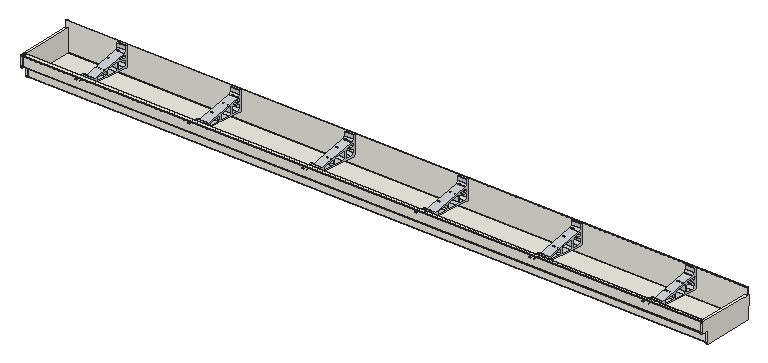
Revit family "NLRS_27_GM_LIB_GBB_MR", category Generic Models, Revit 2021
Family settings
  Can host rebar = No
  Round Connector Dimension = Use Diameter
  Part Type = Normal
  Cut with Voids When Loaded = Yes
  Shared = No
  Room Calculation Point = No
Parameters (values of type "1-GBB 95")
  set_lengte_hoek_L [instance] = if(Lengte_Hoek_L > 1100 mm, 1100 mm, Lengte_Hoek_L)  # 300 mm
  Vorm_Goot_R = 01 : 3_→_Hoek_R
  Vorm_Goot_L-R = 01 : 4_↔_Hoek_L-R
  Vorm_Goot_L = 01 : 2_←_Hoek_L
  Vorm_Goot [instance] = 01 : 1_ Recht
  Omschrijving_hoek [instance] = if(or(Lengte_hoek_R > 1100 mm, Lengte_Hoek_L > 1100 mm), "Hoek is te lang, Kleiner dan 1100 mm", " ")  # " "
  URL = "https://www.meilofriks.nl/beugelgoten/type-gbb-laag/"
  Type Image = <None>
  Lengte_hoek_R [instance] = 300 mm
  Lengte_Hoek_L [instance] = 300 mm
  IfcExportType = ""
  IfcExportAs = "IfcFlowsegment"
  Hoek_R [instance] = or(Vorm_Goot = Vorm_Goot_R, Vorm_Goot = [Vorm_Goot_L-R])  # no
  GBB_hoogte = 95 mm
  Default Elevation = 0 mm
  Buitenhoek_R [instance] = no
  Buitenhoek_L [instance] = no
  Binnenhoek_R [instance] = no
  Binnenhoek_L [instance] = no
  NLRS_C_Materiaal = RAL 9010 MR
  Model = "GBB 95"
  Manufacturer = "Meilof Riks bv"  # constant formula
  Hoek_L [instance] = or(Vorm_Goot = Vorm_Goot_L, Vorm_Goot = [Vorm_Goot_L-R])  # no
  Description = "GBB Goot"  # constant formula
  Assembly Code = "27.16"
  Eindafwerking_R1 [instance] = yes
  Eindafwerking_L1 [instance] = yes
  built-in parameter 1001306 [instance] = 3000 mm
  set_Lengte_hoek [instance] = if(Lengte_hoek_R > 1100 mm, 1100 mm, Lengte_hoek_R)  # 300 mm
Types (4, lengths in mm): name | set_lengte_hoek_L | URL | Lengte_hoek_R | Lengte_Hoek_L | GBB_hoogte | Model | built-in parameter 1001306 | set_Lengte_hoek
  2-GBB 145 | 500 | "https://www.meilofriks.nl/beugelgoten/type-gbb-hoog/" | 500 | 500 | 245 | "GBB 145" | 6000 | 500
  1-GBB 95 | 300 | "https://www.meilofriks.nl/beugelgoten/type-gbb-laag/" | 300 | 300 | 95 | "GBB 95" | 3000 | 300
  3-GBB 195 | 500 | "https://www.meilofriks.nl/beugelgotentype-gbb/type-gbb-195/" | 500 | 500 | 195 | "GBB 195" | 6000 | 500
  4-GBB 245 | 500 | "https://www.meilofriks.nl/beugelgotentype-gbb/type-gbb-245/" | 500 | 500 | 245 | "GBB 245" | 6000 | 500
Reference planes
  plane 1 "Center (Front/Back)": y = 0
  plane 2: z = 0
  plane 3 "Left": x = 0
  plane 4 "Right": x = 3000
  plane 5: x = 1500
Lines and regions (mm)
  reference lines
    curve 1: line (0, 0, 0) -> (3000, 0, 0)
Dimensions and locks
  "built-in parameter 1001306": plane 3 "Left" to plane 4 "Right"
  equal spacing: plane 3 "Left", plane 5, plane 4 "Right"
  nested 2 to nested 2 = 100 mm
  aligned and locked: plane 4 "Right" to curve 1
  aligned and locked: plane 1 "Center (Front/Back)" to curve 1
  aligned and locked: plane 3 "Left" to curve 1
  aligned and locked: level to plane 2
  aligned and locked: plane 3 "Left" to nested 1
  aligned and locked: plane 1 "Center (Front/Back)" to nested 1
  aligned and locked: nested 3 to plane 1 "Center (Front/Back)"
  aligned and locked: plane 4 "Right" to nested 3
  aligned and locked: plane 1 "Center (Front/Back)" to nested 2
Nested families
  nested 1: "01" at (0, 0, 0), Lengte <- "built-in parameter 1001306", type <- "Vorm_Goot", type "1_ Recht"
    with beugels1 500 mm, Lengte 3000 mm, Beugelfstand 1 750 mm, Afstand_2 250 mm, Aantalbeugels 6, Hoogte_VK 130 mm, Hoogte_AK 145 mm, GBB_hoogte 95 mm, Beugelafstand_3 500 mm
  nested 2: "02" at (0, 300, 0) x (0, -1, 0) z (0, 0, 1), Lengte <- "set_lengte_hoek_L", visible <- "Hoek_L", type "Links"
    with beugels1 100 mm, Lengte 300 mm, Beugelmid no, Beugel_R no, Beugel_L yes, Aantalbeugels 8, A2 550 mm, A1 650 mm
  nested 3: "02" at (3000, 0, 0) x (0, 1, 0) z (0, 0, 1), visible <- "Hoek_R", Lengte <- "set_Lengte_hoek", type "Rechts"
    with beugels1 100 mm, Lengte 300 mm, Beugelmid no, Beugel_R yes, Beugel_L no, Aantalbeugels 7, A2 650 mm, A1 550 mm
Definition of nested family "01"
  Parameters (values of type "1_ Recht")
    set_hoek_R = 0 mm  # constant formula
    set_hoek_L = 0 mm  # constant formula
    set_eindafwerking_L = if(Buitenhoek_L, 700 mm, if(Binnenhoek_L, 450 mm, 500 mm))  # 500 mm
    set_eindafwerking_R = if(Buitenhoek_R, 700 mm, if(Binnenhoek_R, 450 mm, 500 mm))  # 500 mm
    beugels1 [instance] = (Lengte - (-set_eindafwerking_L + Beugelfstand 1) - (-set_eindafwerking_R + Beugelfstand 1)) / roundup((Lengte - (2 * Afstand_2)) / Beugelafstand2)  # 600 mm
    Manufacturer = ""
    NLRS_C_Materiaal = none
    Lengte [instance] = 4100 mm
    Hoogte_VK = GBB_hoogte + 35 mm  # 180 mm
    Hoogte_AK = GBB_hoogte + 50 mm  # 195 mm
    GBB_hoogte = 145 mm
    Default Elevation = 0 mm
    Buitenhoek_R = no
    Buitenhoek_L = no
    Binnenhoek_R = no
    Binnenhoek_L = no
    Eindafwerking_R1 = yes
    Eindafwerking_L1 = yes
    Beugelfstand 1 [instance] = 750 mm  # constant formula
    Beugelafstand_3 [instance] = 600 mm
    Beugelafstand2 = 600 mm
    Afstand_2 [instance] = 250 mm
    Aantalbeugels [instance] = roundup(((Lengte - (2 * Afstand_2)) / Beugelafstand2) + if(beugels1 > Beugelafstand2, 2, 1))  # 7
  Types (4, lengths in mm): name | set_eindafwerking_L | set_eindafwerking_R | beugels1 | Manufacturer | Lengte | Hoogte_VK | Hoogte_AK | GBB_hoogte | Buitenhoek_R | Buitenhoek_L | Eindafwerking_R1 | Eindafwerking_L1 | Beugelafstand_3 | Aantalbeugels
    3_→_Hoek_R | 500 | 700 | 633.333 | "" | 4100 | 180 | 195 | 145 | yes | no | no | yes | 542.857 | 8
    1_ Recht | 500 | 500 | 600 | "" | 4100 | 180 | 195 | 145 | no | no | yes | yes | 600 | 7
    2_←_Hoek_L | 700 | 500 | 633.333 | "Meilof Riks bv" | 4100 | 180 | 195 | 145 | no | yes | yes | no | 542.857 | 8
    4_↔_Hoek_L-R | 700 | 700 | 633.333 | "" | 2000 | 130 | 145 | 95 | yes | yes | no | no | 475 | 5
  Reference planes
    plane 1 "Center (Front/Back)": y = 0
    plane 2: z = 0
    plane 3 "Center (Left/Right)": x = 0
    plane 4: x = 4100
    plane 5: y = -280
    plane 6: y = -90
    plane 7: y = -238
    plane 8: y = -338
    plane 9: x = 0
    plane 10: x = 4558
    plane 11: x = -500
    plane 12: x = 4100
    plane 13: x = -458
    plane 14: x = 4600
    plane 15: z = 195
    plane 16: z = -50
  Forms (mm)
    Sweep 1, solid, material <- "NLRS_C_Materiaal"
      path origin (0, 0, 0) x (1, 0, 0) y (0, 1, 0)
        loop
          line (-458, 0) -> (4558, 0)
      profile "GBB profiel : GBB profiel" origin (2050, 0, 0) x (0, 1, 0) y (0, 0, 1)
        loop
          line (-231.5, 145.4) -> (-246.1, 145.4)
          arc (-246.1, 145.4) -> (-248.009, 144.609) -> (-248.8, 142.7) r 2.7
          line (-248.8, 142.7) -> (-248.8, 103.118)
          arc (-248.8, 103.118) -> (-247.836, 101.049) -> (-245.631, 100.459) r 2.7
          line (-245.631, 100.459) -> (-221.76, 104.668)
          arc (-221.76, 104.668) -> (-220.536, 104.34) -> (-220, 103.191) r 1.5
          line (-220, 103.191) -> (-220, 2.7)
          arc (-220, 2.7) -> (-219.209, 0.791) -> (-217.3, 0) r 2.7
          line (-217.3, 0) -> (-2.7, 0)
          arc (-2.7, 0) -> (-0.791, 0.791) -> (0, 2.7) r 2.7
          line (0, 2.7) -> (0, 175) -> (-1.2, 175) -> (-1.2, 2.7)
          arc (-1.2, 2.7) -> (-1.639, 1.639) -> (-2.7, 1.2) r 1.5
          line (-2.7, 1.2) -> (-217.3, 1.2)
          arc (-217.3, 1.2) -> (-218.361, 1.639) -> (-218.8, 2.7) r 1.5
          line (-218.8, 2.7) -> (-218.8, 103.191)
          arc (-218.8, 103.191) -> (-219.764, 105.259) -> (-221.969, 105.85) r 2.7
          line (-221.969, 105.85) -> (-245.84, 101.641)
          arc (-245.84, 101.641) -> (-247.064, 101.969) -> (-247.6, 103.118) r 1.5
          line (-247.6, 103.118) -> (-247.6, 142.7)
          arc (-247.6, 142.7) -> (-247.161, 143.761) -> (-246.1, 144.2) r 1.5
          line (-246.1, 144.2) -> (-231.5, 144.2)
          arc (-231.5, 144.2) -> (-230.439, 143.761) -> (-230, 142.7) r 1.5
          line (-230, 142.7) -> (-230, 128.4) -> (-228.8, 128.4) -> (-228.8, 142.7)
          arc (-228.8, 142.7) -> (-229.591, 144.609) -> (-231.5, 145.4) r 2.7
    Sweep 2, void
      path origin (0, 0, 0) x (1, 0, 0) y (0, 0, 1)
        loop
          line (0, 195) -> (0, -50)
      profile "Valsverstek hoek : Valsverstek hoek_L" origin (0, 0, 72.5) x (1, 0, 0) y (0, -1, 0)
        loop
          line (0, -100) -> (0, 90) -> (0, 238) -> (0, 380) -> (-2000, 380) -> (-2000, -100) -> (0, -100)
    Sweep 3, void
      path origin (0, 0, 0) x (1, 0, 0) y (0, 0, 1)
        loop
          line (4100, -50) -> (4100, 195)
      profile "Valsverstek hoek : Valsverstek hoek_R" origin (4100, 0, 72.5) x (-1, 0, 0) y (0, -1, 0)
        loop
          line (0, -100) -> (0, 90) -> (0, 178) -> (0, 320) -> (-2000, 320) -> (-2000, -100) -> (0, -100)
  Cuts and joins
    Sweep 2, Sweep 3 cuts Sweep 1
  Lines and regions (mm)
    reference lines
      curve 1: line (250, 419.451, 0) -> (250, -680.549, 0)
      curve 2: line (3850, 419.451, 0) -> (3850, -680.549, 0)
  Dimensions and locks
    plane 5 to plane 1 "Center (Front/Back)" = 280 mm
    locked: plane 5 to plane 7 at 42
    locked: plane 8 to plane 7 at 100
    locked: plane 6 to plane 1 "Center (Front/Back)" at 90
    "set_hoek_L": plane 9 to plane 3 "Center (Left/Right)"
    "Lengte": plane 3 "Center (Left/Right)" to plane 4
    "set_eindafwerking_L": plane 11 to plane 3 "Center (Left/Right)"
    "set_hoek_R": plane 4 to plane 12
    locked: plane 11 to plane 13 at 42
    locked: plane 10 to plane 14 at 42
    "set_eindafwerking_R": plane 4 to plane 14
    "Hoogte_AK": plane 15 to plane 2
    locked: plane 2 to plane 16 at 50
    "Beugelfstand 1": plane 11 to curve 1
    "Beugelfstand 1": curve 2 to plane 14
    equal spacing: group 1, group 2, group 3, group 4, group 6, group 7, group 5  (x3)
    "Beugelafstand_3": curve 1 to nested 2
    plane 9 to curve 1 = 250 mm
    curve 1 to curve 2 = 3600 mm
    aligned and locked: level to plane 2
    aligned and locked: plane 1 "Center (Front/Back)" to Sweep 1 sketch curve
    aligned and locked: plane 10 to Sweep 1 sketch curve
    aligned and locked: plane 13 to Sweep 1 sketch curve
    aligned and locked: Sweep 2 sketch curve to plane 9
    aligned and locked: plane 15 to Sweep 2 sketch curve
    aligned and locked: plane 16 to Sweep 2 sketch curve
    aligned and locked: plane 15 to Sweep 3 sketch curve
    aligned and locked: plane 16 to Sweep 3 sketch curve
    aligned and locked: plane 12 to Sweep 3 sketch curve
    aligned and locked: nested 1 to curve 1
    aligned and locked: plane 1 "Center (Front/Back)" to nested 1
    aligned and locked: nested 5 to curve 2
    aligned and locked: plane 9 to nested 6
    aligned and locked: plane 1 "Center (Front/Back)" to nested 6
    aligned and locked: nested 7 to plane 1 "Center (Front/Back)"
    aligned and locked: plane 4 to nested 7
  Automatic sketch dimensions
    curve 1 to plane 8 = 342.549 mm
    curve 2 to plane 8 = 342.549 mm
    curve 2 to plane 1 "Center (Front/Back)" = 419.451 mm
    curve 1 to plane 1 "Center (Front/Back)" = 419.451 mm
  Nested families
    nested 1: "GBB Beugel" at (250, 0, 0), type "GBB_beugel"
    nested 2: "GBB Beugel" at (850, 0, 0), type "GBB_beugel"
    nested 3: "GBB Beugel" at (1450, 0, 0), type "GBB_beugel"
    nested 4: "GBB Beugel" at (2050, 0, 0), type "GBB_beugel"
    nested 5: "GBB Beugel" at (3850, 0, 0), type "GBB_beugel"
    nested 6: "GBB_Eindschot" at (0, 0, 0), visible <- "Eindafwerking_L1", type "Family1"
      with GBB_hoogte 145 mm
    nested 7: "GBB_Eindschot" at (4100, 0, 0) x (-1, 0, 0) z (0, 0, 1), visible <- "Eindafwerking_R1", type "Family1"
      with GBB_hoogte 145 mm
    nested 8: "GBB Beugel" at (2650, 0, 0), type "GBB_beugel"
    nested 9: "GBB Beugel" at (3250, 0, 0), type "GBB_beugel"
  Definition of nested family "GBB Beugel"
    Parameters (values of type "GBB_beugel")
      NLRS_C_Materiaal = none
      GBB_hoogte = 145 mm
      GBB_Hoog = yes
      GBB_Beugel-h = GBB_hoogte + 25 mm  # 170 mm
      Dikte_Beugel = 40 mm
      Default Elevation = 0 mm
    Reference planes
      plane 1 "Center (Front/Back)": y = 0
      plane 2: z = 0
      plane 3 "Center (Left/Right)": x = 0
      plane 4: x = -20
      plane 5: x = 20
    Forms (mm)
      Sweep 1, solid, material <- "NLRS_C_Materiaal"
        path origin (0, 0, 0) x (1, 0, 0) y (0, 1, 0)
          loop
            line (-20, 0) -> (20, 0)
        profile "Beugel_Profiel : GBB" origin (0, 0, 0) x (0, 1, 0) y (0, 0, 1)
          loop
            line (-195.846, 105.15) -> (-175.461, 103.367)
            arc (-175.461, 103.367) -> (-173.173, 104.144) -> (-172.2, 106.355) r 3
            line (-172.2, 106.355) -> (-172.2, 108.739)
            arc (-172.2, 108.739) -> (-173.272, 111.037) -> (-175.721, 111.693) r 3
            line (-175.721, 111.693) -> (-195.975, 108.122)
            arc (-195.975, 108.122) -> (-197.214, 106.579) -> (-195.846, 105.15) r 1.5
          loop
            line (-60.068, 132.086) -> (-108.068, 123.622)
            arc (-108.068, 123.622) -> (-111.03, 121.912) -> (-112.2, 118.698) r 5
            line (-112.2, 118.698) -> (-112.2, 102.414)
            arc (-112.2, 102.414) -> (-110.886, 99.036) -> (-107.636, 97.433) r 5
            line (-107.636, 97.433) -> (-62.897, 93.519)
            arc (-62.897, 93.519) -> (-56.795, 95.59) -> (-54.2, 101.488) r 8
            line (-54.2, 101.488) -> (-54.2, 127.162)
            arc (-54.2, 127.162) -> (-55.986, 130.992) -> (-60.068, 132.086) r 5
          loop
            line (-45.895, 130.713) -> (-12.494, 121.764)
            arc (-12.494, 121.764) -> (-8.156, 122.627) -> (-6.2, 126.593) r 5
            line (-6.2, 126.593) -> (-6.2, 138.009)
            arc (-6.2, 138.009) -> (-7.272, 140.307) -> (-9.721, 140.963) r 3
            line (-9.721, 140.963) -> (-45.725, 134.615)
            arc (-45.725, 134.615) -> (-47.375, 132.733) -> (-45.895, 130.713) r 2
          loop
            line (-166.549, 102.587) -> (-120.636, 98.57)
            arc (-120.636, 98.57) -> (-116.822, 99.865) -> (-115.2, 103.551) r 5
            line (-115.2, 103.551) -> (-115.2, 116.406)
            arc (-115.2, 116.406) -> (-116.986, 120.236) -> (-121.068, 121.33) r 5
            line (-121.068, 121.33) -> (-166.895, 113.249)
            arc (-166.895, 113.249) -> (-169.264, 111.881) -> (-170.2, 109.31) r 4
            line (-170.2, 109.31) -> (-170.2, 106.572)
            arc (-170.2, 106.572) -> (-169.149, 103.869) -> (-166.549, 102.587) r 4
          loop
            line (-51.2, 123.816) -> (-51.2, 101.332)
            arc (-51.2, 101.332) -> (-49.098, 95.927) -> (-43.897, 93.362) r 8
            line (-43.897, 93.362) -> (-17.072, 91.015)
            arc (-17.072, 91.015) -> (-9.444, 93.604) -> (-6.2, 100.977) r 10
            line (-6.2, 100.977) -> (-6.2, 113.135)
            arc (-6.2, 113.135) -> (-7.233, 116.179) -> (-9.906, 117.964) r 5
            line (-9.906, 117.964) -> (-46.165, 127.68)
            arc (-46.165, 127.68) -> (-49.635, 126.99) -> (-51.2, 123.816) r 4
          loop
            line (-221.943, 103.92) -> (-6.636, 85.083)
            arc (-6.636, 85.083) -> (-2.822, 86.378) -> (-1.2, 90.064) r 5
            line (-1.2, 90.064) -> (-1.2, 170) -> (-6.2, 170) -> (-6.2, 153.529)
            arc (-6.2, 153.529) -> (-8.54, 147.101) -> (-14.464, 143.681) r 10
            line (-14.464, 143.681) -> (-191.505, 112.464)
            arc (-191.505, 112.464) -> (-194.771, 113.339) -> (-196.2, 116.403) r 4
            line (-196.2, 116.403) -> (-196.2, 121.663)
            arc (-196.2, 121.663) -> (-195.907, 122.37) -> (-195.2, 122.663) r 1
            line (-195.2, 122.663) -> (-193.2, 122.663)
            arc (-193.2, 122.663) -> (-192.139, 123.102) -> (-191.7, 124.163) r 1.5
            line (-191.7, 124.163) -> (-191.7, 125.163)
            arc (-191.7, 125.163) -> (-192.139, 126.224) -> (-193.2, 126.663) r 1.5
            line (-193.2, 126.663) -> (-204.2, 126.663)
            arc (-204.2, 126.663) -> (-205.261, 126.224) -> (-205.7, 125.163) r 1.5
            line (-205.7, 125.163) -> (-205.7, 124.163)
            arc (-205.7, 124.163) -> (-205.261, 123.102) -> (-204.2, 122.663) r 1.5
            line (-204.2, 122.663) -> (-202.2, 122.663)
            arc (-202.2, 122.663) -> (-201.493, 122.37) -> (-201.2, 121.663) r 1
            line (-201.2, 121.663) -> (-201.2, 115.113)
            arc (-201.2, 115.113) -> (-202.229, 112.435) -> (-204.786, 111.135) r 4
            line (-204.786, 111.135) -> (-218.726, 109.683)
            arc (-218.726, 109.683) -> (-229.056, 112.696) -> (-234.327, 122.077) r 14.237
            line (-234.327, 122.077) -> (-235.824, 134.046)
            arc (-235.824, 134.046) -> (-235.582, 134.832) -> (-234.832, 135.17) r 1
            line (-234.832, 135.17) -> (-229.668, 135.17)
            arc (-229.668, 135.17) -> (-228.878, 135.558) -> (-228.7, 136.42) r 1
            arc (-228.7, 136.42) -> (-230.835, 139.663) -> (-234.509, 140.92) r 6
            line (-234.509, 140.92) -> (-239.7, 140.92)
            arc (-239.7, 140.92) -> (-243.943, 139.163) -> (-245.7, 134.92) r 6
            line (-245.7, 134.92) -> (-245.7, 133.17)
            arc (-245.7, 133.17) -> (-245.407, 132.463) -> (-244.7, 132.17) r 1
            arc (-244.7, 132.17) -> (-243.993, 132.463) -> (-243.7, 133.17) r 1
            line (-243.7, 133.17) -> (-243.7, 134.17)
            arc (-243.7, 134.17) -> (-243.407, 134.877) -> (-242.7, 135.17) r 1
            line (-242.7, 135.17) -> (-241.2, 135.17)
            arc (-241.2, 135.17) -> (-240.493, 134.877) -> (-240.2, 134.17) r 1
            line (-240.2, 134.17) -> (-240.2, 123.844)
            arc (-240.2, 123.844) -> (-234.946, 110.332) -> (-221.943, 103.92) r 20
    Dimensions and locks
      equal spacing: plane 4, plane 3 "Center (Left/Right)", plane 5
      "Dikte_Beugel": plane 4 to plane 5
      aligned and locked: level to plane 2
      aligned and locked: plane 4 to Sweep 1 sketch curve
      aligned and locked: plane 5 to Sweep 1 sketch curve
      aligned and locked: plane 1 "Center (Front/Back)" to Sweep 1 sketch curve
  Definition of nested family "GBB_Eindschot"
    Parameters (values of type "Family1")
      NLRS_C_Materiaal = none
      GBB_hoogte = 95 mm
      Default Elevation = 0 mm
    Reference planes
      plane 1 "Center (Front/Back)": y = 0
      plane 2: z = 0
      plane 3 "Center (Left/Right)": x = 0
      plane 4: x = -1.2
      plane 5: x = 8.8
    Forms (mm)
      Sweep 1, solid, material <- "NLRS_C_Materiaal"
        path origin (0, 0, 0) x (1, 0, 0) y (0, 1, 0)
          loop
            line (-1.2, 0) -> (8.8, 0)
        profile "GBB profiel kap : GBB profiel" origin (3.8, 0, 0) x (0, 1, 0) y (0, 0, 1)
          loop
            line (-250, 93.9) -> (-250, 51.618)
            arc (-250, 51.618) -> (-249.036, 49.549) -> (-246.831, 48.959) r 2.7
            line (-246.831, 48.959) -> (-222.96, 53.168)
            arc (-222.96, 53.168) -> (-221.736, 52.84) -> (-221.2, 51.691) r 1.5
            line (-221.2, 51.691) -> (-221.2, 1.5)
            arc (-221.2, 1.5) -> (-220.409, -0.409) -> (-218.5, -1.2) r 2.7
            line (-218.5, -1.2) -> (-1.5, -1.2)
            arc (-1.5, -1.2) -> (0.409, -0.409) -> (1.2, 1.5) r 2.7
            line (1.2, 1.5) -> (1.2, 96.6) -> (-247.3, 96.6)
            arc (-247.3, 96.6) -> (-249.209, 95.809) -> (-250, 93.9) r 2.7
    Dimensions and locks
      plane 4 to plane 5 = 10 mm
      plane 4 to plane 3 "Center (Left/Right)" = 1.2 mm
      aligned and locked: level to plane 2
      aligned and locked: plane 5 to Sweep 1 sketch curve
      aligned and locked: plane 1 "Center (Front/Back)" to Sweep 1 sketch curve
Definition of nested family "02"
  Parameters (values of type "Links")
    set_hoek_R = 0 mm  # constant formula
    set_hoek_L = 0 mm  # constant formula
    set_eindafwerking_L = 500 mm  # constant formula
    set_eindafwerking_R = 500 mm  # constant formula
    beugels1 [instance] = Lengte + 1000 mm - A1 - A2  # 3800 mm
    True = yes
    Manufacturer = ""
    NLRS_C_Materiaal = none
    Lengte [instance] = 4100 mm
    Hoogte_VK = GBB_hoogte + 35 mm  # 130 mm
    Hoogte_AK = GBB_hoogte + 50 mm  # 145 mm
    GBB_hoogte = 95 mm
    Default Elevation = 0 mm
    Buitenhoek_R = yes
    Buitenhoek_L = no
    Binnenhoek_R = no
    Binnenhoek_L = no
    Eindafwerking_R1 = no
    Eindafwerking_L1 = yes
    Beugelmid [instance] = if(Lengte > 700 mm, True, not(True))  # yes
    Beugel_R [instance] = if(Lengte < 75 mm, not(True), if(Buitenhoek_L, True, if(Lengte > 400 mm, True, not(True))))  # yes
    Beugel_L [instance] = if(Lengte < 75 mm, not(True), if(Buitenhoek_R, True, if(Lengte > 400 mm, True, not(True))))  # yes
    Aantalbeugels [instance] = 8
    A2 [instance] = if(and(Buitenhoek_L, Lengte < 300 mm), 550 mm, if(and(Buitenhoek_L, Lengte < 450 mm), 650 mm, if(Lengte < 450 mm, 550 mm, if(Lengte < 700 mm, 600 mm, 650 mm))))  # 650 mm
    A1 [instance] = if(and(Buitenhoek_R, Lengte < 300 mm), 550 mm, if(and(Buitenhoek_R, Lengte < 450 mm), 650 mm, if(Lengte < 450 mm, 550 mm, if(Lengte < 700 mm, 600 mm, 650 mm))))  # 650 mm
  Types (2, lengths in mm): name | Buitenhoek_R | Buitenhoek_L | Eindafwerking_R1 | Eindafwerking_L1 | Aantalbeugels
    Rechts | no | yes | yes | no | 7
    Links | yes | no | no | yes | 8
  Reference planes
    plane 1 "Center (Front/Back)": y = 0
    plane 2: z = 0
    plane 3 "Center (Left/Right)": x = 0
    plane 4: x = 4100
    plane 5: y = -280
    plane 6: y = -90
    plane 7: y = -238
    plane 8: y = -338
    plane 9: x = 0
    plane 10: x = 4558
    plane 11: x = -500
    plane 12: x = 4100
    plane 13: x = -458
    plane 14: x = 4600
    plane 15: z = 145
    plane 16: z = -50
  Forms (mm)
    Sweep 1, solid, material <- "NLRS_C_Materiaal"
      path origin (0, 0, 0) x (1, 0, 0) y (0, 1, 0)
        loop
          line (-458, 0) -> (4558, 0)
      profile "GBB profiel : GBB profiel" origin (2050, 0, 0) x (0, 1, 0) y (0, 0, 1)
        loop
          line (-231.5, 95.4) -> (-246.1, 95.4)
          arc (-246.1, 95.4) -> (-248.009, 94.609) -> (-248.8, 92.7) r 2.7
          line (-248.8, 92.7) -> (-248.8, 53.118)
          arc (-248.8, 53.118) -> (-247.836, 51.049) -> (-245.631, 50.459) r 2.7
          line (-245.631, 50.459) -> (-221.76, 54.668)
          arc (-221.76, 54.668) -> (-220.536, 54.34) -> (-220, 53.191) r 1.5
          line (-220, 53.191) -> (-220, 2.7)
          arc (-220, 2.7) -> (-219.209, 0.791) -> (-217.3, 0) r 2.7
          line (-217.3, 0) -> (-2.7, 0)
          arc (-2.7, 0) -> (-0.791, 0.791) -> (0, 2.7) r 2.7
          line (0, 2.7) -> (0, 125) -> (-1.2, 125) -> (-1.2, 2.7)
          arc (-1.2, 2.7) -> (-1.639, 1.639) -> (-2.7, 1.2) r 1.5
          line (-2.7, 1.2) -> (-217.3, 1.2)
          arc (-217.3, 1.2) -> (-218.361, 1.639) -> (-218.8, 2.7) r 1.5
          line (-218.8, 2.7) -> (-218.8, 53.191)
          arc (-218.8, 53.191) -> (-219.764, 55.259) -> (-221.969, 55.85) r 2.7
          line (-221.969, 55.85) -> (-245.84, 51.641)
          arc (-245.84, 51.641) -> (-247.064, 51.969) -> (-247.6, 53.118) r 1.5
          line (-247.6, 53.118) -> (-247.6, 92.7)
          arc (-247.6, 92.7) -> (-247.161, 93.761) -> (-246.1, 94.2) r 1.5
          line (-246.1, 94.2) -> (-231.5, 94.2)
          arc (-231.5, 94.2) -> (-230.439, 93.761) -> (-230, 92.7) r 1.5
          line (-230, 92.7) -> (-230, 78.4) -> (-228.8, 78.4) -> (-228.8, 92.7)
          arc (-228.8, 92.7) -> (-229.591, 94.609) -> (-231.5, 95.4) r 2.7
    Sweep 2, void
      path origin (0, 0, 0) x (1, 0, 0) y (0, 0, 1)
        loop
          line (0, 145) -> (0, -50)
      profile "Valsverstek hoek : Valsverstek hoek_L" origin (0, 0, 47.5) x (1, 0, 0) y (0, -1, 0)
        loop
          line (0, -100) -> (0, 90) -> (0, 238) -> (0, 380) -> (-2000, 380) -> (-2000, -100) -> (0, -100)
    Sweep 3, void
      path origin (0, 0, 0) x (1, 0, 0) y (0, 0, 1)
        loop
          line (4100, -50) -> (4100, 145)
      profile "Valsverstek hoek : Valsverstek hoek_R" origin (4100, 0, 47.5) x (-1, 0, 0) y (0, -1, 0)
        loop
          line (100, -100) -> (-90, 90) -> (-178, 178) -> (-320, 320) -> (-2000, 320) -> (-2000, -100) -> (100, -100)
  Cuts and joins
    Sweep 2, Sweep 3 cuts Sweep 1
  Lines and regions (mm)
    reference lines
      curve 1: line (150, 419.451, 0) -> (150, -680.549, 0)
      curve 2: line (3950, 419.451, 0) -> (3950, -680.549, 0)
      curve 3: line (2050, 317.223, 0) -> (2050, -642.777, 0)
  Dimensions and locks
    plane 5 to plane 1 "Center (Front/Back)" = 280 mm
    locked: plane 5 to plane 7 at 42
    locked: plane 8 to plane 7 at 100
    locked: plane 6 to plane 1 "Center (Front/Back)" at 90
    "set_hoek_L": plane 9 to plane 3 "Center (Left/Right)"
    "Lengte": plane 3 "Center (Left/Right)" to plane 4
    "set_eindafwerking_L": plane 11 to plane 3 "Center (Left/Right)"
    "set_hoek_R": plane 4 to plane 12
    locked: plane 11 to plane 13 at 42
    locked: plane 10 to plane 14 at 42
    "set_eindafwerking_R": plane 4 to plane 14
    "Hoogte_AK": plane 15 to plane 2
    locked: plane 2 to plane 16 at 50
    "A1": plane 11 to curve 1
    "A2": curve 2 to plane 14
    plane 9 to curve 1 = 150 mm
    curve 1 to curve 2 = 3800 mm
    equal spacing: curve 1, curve 3, curve 2
    curve 1 to plane 12 = 3950 mm
    aligned and locked: level to plane 2
    aligned and locked: plane 1 "Center (Front/Back)" to Sweep 1 sketch curve
    aligned and locked: plane 10 to Sweep 1 sketch curve
    aligned and locked: plane 13 to Sweep 1 sketch curve
    aligned and locked: Sweep 2 sketch curve to plane 9
    aligned and locked: plane 15 to Sweep 2 sketch curve
    aligned and locked: plane 16 to Sweep 2 sketch curve
    aligned and locked: plane 15 to Sweep 3 sketch curve
    aligned and locked: plane 16 to Sweep 3 sketch curve
    aligned and locked: plane 12 to Sweep 3 sketch curve
    aligned and locked: nested 1 to curve 1
    aligned and locked: plane 1 "Center (Front/Back)" to nested 1
    aligned and locked: nested 3 to curve 2
    aligned and locked: nested 2 to curve 3
    aligned and locked: plane 1 "Center (Front/Back)" to nested 4
    aligned and locked: plane 3 "Center (Left/Right)" to nested 4
    aligned and locked: nested 5 to plane 1 "Center (Front/Back)"
    aligned and locked: plane 4 to nested 5
  Automatic sketch dimensions
    curve 1 to plane 8 = 342.549 mm
    curve 2 to plane 8 = 342.549 mm
    curve 3 to plane 8 = 304.777 mm
    curve 3 to plane 1 "Center (Front/Back)" = 317.223 mm
    curve 2 to plane 1 "Center (Front/Back)" = 419.451 mm
    curve 1 to plane 1 "Center (Front/Back)" = 419.451 mm
  Nested families
    nested 1: "GBB Beugel" at (150, 0, 0), visible <- "Beugel_L", type "GBB_beugel"
      with GBB_hoogte 95 mm, GBB_Beugel-h 120 mm
    nested 2: "GBB Beugel" at (2050, 0, 0), visible <- "Beugelmid", type "GBB_beugel"
      with GBB_hoogte 95 mm, GBB_Beugel-h 120 mm
    nested 3: "GBB Beugel" at (3950, 0, 0), visible <- "Beugel_R", type "GBB_beugel"
      with GBB_hoogte 95 mm, GBB_Beugel-h 120 mm
    nested 4: "GBB_Eindschot" at (0, 0, 0), visible <- "Eindafwerking_L1", type "Eindschot"
    nested 5: "GBB_Eindschot" at (4100, 0, 0) x (-1, 0, 0) z (0, 0, 1), visible <- "Eindafwerking_R1", type "Eindschot"
  Definition of nested family "GBB Beugel"
    Parameters (values of type "GBB_beugel")
      NLRS_C_Materiaal = none
      GBB_hoogte = 145 mm
      GBB_Hoog = yes
      GBB_Beugel-h = GBB_hoogte + 25 mm  # 170 mm
      Dikte_Beugel = 40 mm
      Default Elevation = 0 mm
    Reference planes
      plane 1 "Center (Front/Back)": y = 0
      plane 2: z = 0
      plane 3 "Center (Left/Right)": x = 0
      plane 4: x = -20
      plane 5: x = 20
    Forms (mm)
      Sweep 1, solid, material <- "NLRS_C_Materiaal"
        path origin (0, 0, 0) x (1, 0, 0) y (0, 1, 0)
          loop
            line (-20, 0) -> (20, 0)
        profile "Beugel_Profiel : GBB" origin (0, 0, 0) x (0, 1, 0) y (0, 0, 1)
          loop
            line (-195.846, 105.15) -> (-175.461, 103.367)
            arc (-175.461, 103.367) -> (-173.173, 104.144) -> (-172.2, 106.355) r 3
            line (-172.2, 106.355) -> (-172.2, 108.739)
            arc (-172.2, 108.739) -> (-173.272, 111.037) -> (-175.721, 111.693) r 3
            line (-175.721, 111.693) -> (-195.975, 108.122)
            arc (-195.975, 108.122) -> (-197.214, 106.579) -> (-195.846, 105.15) r 1.5
          loop
            line (-60.068, 132.086) -> (-108.068, 123.622)
            arc (-108.068, 123.622) -> (-111.03, 121.912) -> (-112.2, 118.698) r 5
            line (-112.2, 118.698) -> (-112.2, 102.414)
            arc (-112.2, 102.414) -> (-110.886, 99.036) -> (-107.636, 97.433) r 5
            line (-107.636, 97.433) -> (-62.897, 93.519)
            arc (-62.897, 93.519) -> (-56.795, 95.59) -> (-54.2, 101.488) r 8
            line (-54.2, 101.488) -> (-54.2, 127.162)
            arc (-54.2, 127.162) -> (-55.986, 130.992) -> (-60.068, 132.086) r 5
          loop
            line (-45.895, 130.713) -> (-12.494, 121.764)
            arc (-12.494, 121.764) -> (-8.156, 122.627) -> (-6.2, 126.593) r 5
            line (-6.2, 126.593) -> (-6.2, 138.009)
            arc (-6.2, 138.009) -> (-7.272, 140.307) -> (-9.721, 140.963) r 3
            line (-9.721, 140.963) -> (-45.725, 134.615)
            arc (-45.725, 134.615) -> (-47.375, 132.733) -> (-45.895, 130.713) r 2
          loop
            line (-166.549, 102.587) -> (-120.636, 98.57)
            arc (-120.636, 98.57) -> (-116.822, 99.865) -> (-115.2, 103.551) r 5
            line (-115.2, 103.551) -> (-115.2, 116.406)
            arc (-115.2, 116.406) -> (-116.986, 120.236) -> (-121.068, 121.33) r 5
            line (-121.068, 121.33) -> (-166.895, 113.249)
            arc (-166.895, 113.249) -> (-169.264, 111.881) -> (-170.2, 109.31) r 4
            line (-170.2, 109.31) -> (-170.2, 106.572)
            arc (-170.2, 106.572) -> (-169.149, 103.869) -> (-166.549, 102.587) r 4
          loop
            line (-51.2, 123.816) -> (-51.2, 101.332)
            arc (-51.2, 101.332) -> (-49.098, 95.927) -> (-43.897, 93.362) r 8
            line (-43.897, 93.362) -> (-17.072, 91.015)
            arc (-17.072, 91.015) -> (-9.444, 93.604) -> (-6.2, 100.977) r 10
            line (-6.2, 100.977) -> (-6.2, 113.135)
            arc (-6.2, 113.135) -> (-7.233, 116.179) -> (-9.906, 117.964) r 5
            line (-9.906, 117.964) -> (-46.165, 127.68)
            arc (-46.165, 127.68) -> (-49.635, 126.99) -> (-51.2, 123.816) r 4
          loop
            line (-221.943, 103.92) -> (-6.636, 85.083)
            arc (-6.636, 85.083) -> (-2.822, 86.378) -> (-1.2, 90.064) r 5
            line (-1.2, 90.064) -> (-1.2, 170) -> (-6.2, 170) -> (-6.2, 153.529)
            arc (-6.2, 153.529) -> (-8.54, 147.101) -> (-14.464, 143.681) r 10
            line (-14.464, 143.681) -> (-191.505, 112.464)
            arc (-191.505, 112.464) -> (-194.771, 113.339) -> (-196.2, 116.403) r 4
            line (-196.2, 116.403) -> (-196.2, 121.663)
            arc (-196.2, 121.663) -> (-195.907, 122.37) -> (-195.2, 122.663) r 1
            line (-195.2, 122.663) -> (-193.2, 122.663)
            arc (-193.2, 122.663) -> (-192.139, 123.102) -> (-191.7, 124.163) r 1.5
            line (-191.7, 124.163) -> (-191.7, 125.163)
            arc (-191.7, 125.163) -> (-192.139, 126.224) -> (-193.2, 126.663) r 1.5
            line (-193.2, 126.663) -> (-204.2, 126.663)
            arc (-204.2, 126.663) -> (-205.261, 126.224) -> (-205.7, 125.163) r 1.5
            line (-205.7, 125.163) -> (-205.7, 124.163)
            arc (-205.7, 124.163) -> (-205.261, 123.102) -> (-204.2, 122.663) r 1.5
            line (-204.2, 122.663) -> (-202.2, 122.663)
            arc (-202.2, 122.663) -> (-201.493, 122.37) -> (-201.2, 121.663) r 1
            line (-201.2, 121.663) -> (-201.2, 115.113)
            arc (-201.2, 115.113) -> (-202.229, 112.435) -> (-204.786, 111.135) r 4
            line (-204.786, 111.135) -> (-218.726, 109.683)
            arc (-218.726, 109.683) -> (-229.056, 112.696) -> (-234.327, 122.077) r 14.237
            line (-234.327, 122.077) -> (-235.824, 134.046)
            arc (-235.824, 134.046) -> (-235.582, 134.832) -> (-234.832, 135.17) r 1
            line (-234.832, 135.17) -> (-229.668, 135.17)
            arc (-229.668, 135.17) -> (-228.878, 135.558) -> (-228.7, 136.42) r 1
            arc (-228.7, 136.42) -> (-230.835, 139.663) -> (-234.509, 140.92) r 6
            line (-234.509, 140.92) -> (-239.7, 140.92)
            arc (-239.7, 140.92) -> (-243.943, 139.163) -> (-245.7, 134.92) r 6
            line (-245.7, 134.92) -> (-245.7, 133.17)
            arc (-245.7, 133.17) -> (-245.407, 132.463) -> (-244.7, 132.17) r 1
            arc (-244.7, 132.17) -> (-243.993, 132.463) -> (-243.7, 133.17) r 1
            line (-243.7, 133.17) -> (-243.7, 134.17)
            arc (-243.7, 134.17) -> (-243.407, 134.877) -> (-242.7, 135.17) r 1
            line (-242.7, 135.17) -> (-241.2, 135.17)
            arc (-241.2, 135.17) -> (-240.493, 134.877) -> (-240.2, 134.17) r 1
            line (-240.2, 134.17) -> (-240.2, 123.844)
            arc (-240.2, 123.844) -> (-234.946, 110.332) -> (-221.943, 103.92) r 20
    Dimensions and locks
      equal spacing: plane 4, plane 3 "Center (Left/Right)", plane 5
      "Dikte_Beugel": plane 4 to plane 5
      aligned and locked: level to plane 2
      aligned and locked: plane 4 to Sweep 1 sketch curve
      aligned and locked: plane 5 to Sweep 1 sketch curve
      aligned and locked: plane 1 "Center (Front/Back)" to Sweep 1 sketch curve
  Definition of nested family "GBB_Eindschot"
    Parameters (values of type "Family1")
      NLRS_C_Materiaal = none
      GBB_hoogte = 95 mm
      Default Elevation = 0 mm
    Reference planes
      plane 1 "Center (Front/Back)": y = 0
      plane 2: z = 0
      plane 3 "Center (Left/Right)": x = 0
      plane 4: x = -1.2
      plane 5: x = 8.8
    Forms (mm)
      Sweep 1, solid, material <- "NLRS_C_Materiaal"
        path origin (0, 0, 0) x (1, 0, 0) y (0, 1, 0)
          loop
            line (-1.2, 0) -> (8.8, 0)
        profile "GBB profiel kap : GBB profiel" origin (3.8, 0, 0) x (0, 1, 0) y (0, 0, 1)
          loop
            line (-250, 93.9) -> (-250, 51.618)
            arc (-250, 51.618) -> (-249.036, 49.549) -> (-246.831, 48.959) r 2.7
            line (-246.831, 48.959) -> (-222.96, 53.168)
            arc (-222.96, 53.168) -> (-221.736, 52.84) -> (-221.2, 51.691) r 1.5
            line (-221.2, 51.691) -> (-221.2, 1.5)
            arc (-221.2, 1.5) -> (-220.409, -0.409) -> (-218.5, -1.2) r 2.7
            line (-218.5, -1.2) -> (-1.5, -1.2)
            arc (-1.5, -1.2) -> (0.409, -0.409) -> (1.2, 1.5) r 2.7
            line (1.2, 1.5) -> (1.2, 96.6) -> (-247.3, 96.6)
            arc (-247.3, 96.6) -> (-249.209, 95.809) -> (-250, 93.9) r 2.7
    Dimensions and locks
      plane 4 to plane 5 = 10 mm
      plane 4 to plane 3 "Center (Left/Right)" = 1.2 mm
      aligned and locked: level to plane 2
      aligned and locked: plane 5 to Sweep 1 sketch curve
      aligned and locked: plane 1 "Center (Front/Back)" to Sweep 1 sketch curve
